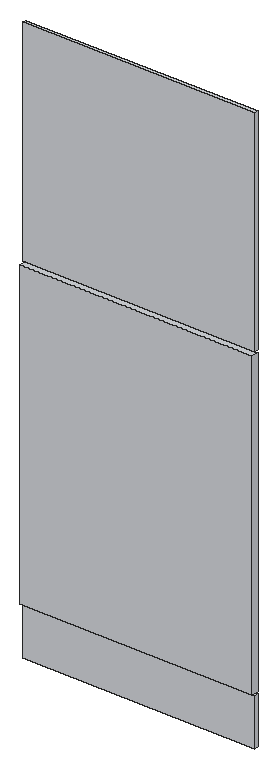
Revit family "EXP_WT-1A_CPan-029", category Curtain Panels, Revit 2021
Family settings
  OmniClass Number = 23.25.20.14.11.11.17
  OmniClass Title = Infill Panels
  Always vertical = Yes
  Cut with Voids When Loaded = No
  Shared = No
Parameters (values of type "H2 = 8'  5 1/2"")
  UI-UnitNumber [instance] = "01"
  UI-Quadrant [instance] = "SE"
  UI-ProjectAbbreviation = "NEU"
  UI-ItemCategory = "PID"
  UI-FloorNumber [instance] = "03"
  PNT-WallType = "WT1A"
  PNT-ProjectAbbreviation = "NEU"
  PNT-PanelType [instance] = "01"
  PNT-ItemCategory = "PNL"
  GlassSPH3 [instance] = 0' - 1 1/8"
  GlassSPH2(x3) [instance] = 0' - 2 3/16"
  GlassSPH1 [instance] = 0' - 1 1/8"
  GlassH3 [instance] = none
  GlassH2 [instance] = none
  GlassH1 [instance] = none
  Define Thermal Properties by = Schematic Type
  CellSp = 0' - 10 3/16"
  CellL [instance] = 6' - 10"
  CellH3 [instance] = CellH - (CellH1 + CellH2)  # 1' - 5 1/2"
  CellH2 = 8' - 5 1/2"
  CellH1 = 6' - 0 1/2"
  CellH [instance] = 15' - 11 1/2"
  CellAngle = 45.00°
  Analytic Construction = "<None>"
Reference planes (in)
  plane 1 "Center (Front/Back)": y = 0
  plane 2: z = 0
  plane 3 "Center (Left/Right)": x = 0
  plane 4 "Left": x = -41
  plane 5 "Right": x = 41
  plane 6 "Top": z = 191.5
  plane 7: z = 119
  plane 8: y = -10.1875
  plane 9: z = 17.5
Forms (in)
  Extrusion 1, solid, material <- "GlassH3", detail levels coarse+medium
    sketch origin (0, 0, 0) x (1, 0, 0) y (0, 1, 0)
      loop
        line (41, 0) -> (-41, 0) -> (-30.8125, -10.1875) -> (41, -10.1875) -> (41, 0)
    from 0 to 17.5
  Extrusion 2, solid, material <- "GlassH2", detail levels coarse+medium
    sketch origin (0, 0, 0) x (1, 0, 0) y (0, 1, 0)
      loop
        line (41, 0) -> (-41, 0) -> (-30.8125, -10.1875) -> (41, -10.1875) -> (41, 0)
    from 17.5 to 119
  Extrusion 3, solid, material <- "GlassH1", detail levels coarse+medium
    sketch origin (0, 0, 0) x (1, 0, 0) y (0, 1, 0)
      loop
        line (41, 0) -> (-41, 0) -> (-30.8125, -10.1875) -> (41, -10.1875) -> (41, 0)
    from 119 to 191.5
Lines and regions (in)
  reference lines
    curve 1: line (-41, 0, 0) -> (4.25483, -45.25483, 0)
Text (in)
  text "Exterior" at (-92.59733, 55.75508, 0), in view "Ref. Level"
  text "Exterior" at (0, 90.18664, 173.49264), in view "Left"
  text "Exterior" at (0, 52.29083, 162.21847), in view "Right"
Dimensions and locks (in)
  equal spacing: plane 4 "Left", plane 3 "Center (Left/Right)", plane 5 "Right"  (x2)
  "CellH1": plane 7 to plane 6 "Top"
  "CellH2": plane 9 to plane 7
  "CellH": plane 2 to plane 6 "Top"
  "CellSp": plane 8 to plane 1 "Center (Front/Back)"
  "CellL": plane 4 "Left" to plane 5 "Right"
  "CellAngle": angle curve 1 to plane 1 "Center (Front/Back)"
  aligned and locked: level to plane 2
  aligned and locked: Extrusion 1 sketch curve to plane 1 "Center (Front/Back)"
  aligned and locked: Extrusion 1 sketch curve to plane 8
  aligned and locked: Extrusion 1 sketch curve to plane 5 "Right"
  aligned and locked: Extrusion 1 sketch curve to curve 1
  aligned and locked: plane 9 to Extrusion 1
  aligned and locked: Extrusion 1 to plane 2
  aligned and locked: Extrusion 2 sketch curve to plane 1 "Center (Front/Back)"
  aligned and locked: Extrusion 2 sketch curve to plane 8
  aligned and locked: Extrusion 2 sketch curve to plane 5 "Right"
  aligned and locked: Extrusion 2 sketch curve to curve 1
  aligned and locked: plane 7 to Extrusion 2
  aligned and locked: Extrusion 2 to plane 9
  aligned and locked: Extrusion 3 sketch curve to plane 1 "Center (Front/Back)"
  aligned and locked: Extrusion 3 sketch curve to plane 8
  aligned and locked: Extrusion 3 sketch curve to plane 5 "Right"
  aligned and locked: Extrusion 3 sketch curve to curve 1
  aligned and locked: Extrusion 3 to plane 6 "Top"
  aligned and locked: Extrusion 3 to plane 7
  aligned and locked: nested 1 to plane 4 "Left"
  aligned and locked: nested 1 to plane 5 "Right"
  aligned and locked: nested 2 to Extrusion 3
  aligned and locked: nested 2 to level
  aligned and locked: plane 6 "Top" to nested 2
  aligned and locked: plane 1 "Center (Front/Back)" to nested 3
  aligned and locked: plane 2 to Extrusion 1
  aligned and locked: nested 3 to plane 6 "Top"
  aligned and locked: plane 4 "Left" to nested 3
  aligned and locked: plane 5 "Right" to nested 3
  aligned and locked: plane 1 "Center (Front/Back)" to nested 4
  aligned and locked: nested 4 to plane 6 "Top"
  aligned and locked: plane 7 to nested 4
  aligned and locked: plane 5 "Right" to nested 4
  aligned and locked: plane 4 "Left" to nested 4
  aligned and locked: plane 1 "Center (Front/Back)" to nested 5
  aligned and locked: plane 7 to nested 5
  aligned and locked: plane 9 to nested 5
  aligned and locked: plane 5 "Right" to nested 5
  aligned and locked: plane 4 "Left" to nested 5
  aligned and locked: plane 1 "Center (Front/Back)" to nested 6
  aligned and locked: plane 9 to nested 6
  aligned and locked: plane 2 to nested 6
  aligned and locked: plane 5 "Right" to nested 6
  aligned and locked: plane 4 "Left" to nested 6
Automatic sketch dimensions
  plane 1 "Center (Front/Back)" to curve 1 = 0' - 0"
  curve 1 to plane 4 "Left" = 0' - 0"
Nested families (in)
  nested 1: "EXP_WT-1A_DetO-002" at (-41, 0, 0), CellAngle <- "CellAngle", type "EXP_WT-1A_DetO-002"
    with built-in parameter 1001306 6.8333 (stored number, unit not read), CellAngle 45.00°
  nested 2: "EXP_WT-1A_DetO-004" at (0, 0, 191.5) x (0, 0, -1) z (1, 0, 0), CellH1 <- "CellH1", CellH2 <- "CellH2", type "EXP_WT-1A_DetO-004"
    with built-in parameter 1001306 15.958 (stored number, unit not read), CellH2 8' - 5 1/2", CellH1 6' - 0 1/2", CellH 15' - 11 1/2"
  nested 3: "EXP_xx_DetO-002" at (0, 0, 0), CellH <- "CellH", CellL <- "CellL", type "EXP_xx_DetO-002", detail levels coarse
    with CellL 6' - 10", CellH 15' - 11 1/2"
  nested 4: "EXP_WT-1x_IG-003" at (0, 0, 155.25), MaterialGlass <- "GlassH1", GlassSP <- "GlassSPH1", type "A = 90_GlassSP = H1", detail levels fine
    with MaterialGlass none, GlassSP 0' - 1 1/8", GlassL 6' - 4.87402", GlassH 5' - 10 13/16", CellL 6' - 10", CellH 6' - 0 1/2"
  nested 5: "EXP_WT-1x_IG-003" at (0, 0, 68.25), MaterialGlass <- "GlassH2", GlassSP <- "GlassSPH2(x3)", type "A = 90_GlassSP = H2(x3)", detail levels fine
    with MaterialGlass none, GlassSP 0' - 2 3/16", GlassL 6' - 4.87402", GlassH 8' - 4 3/4", CellL 6' - 10", CellH 8' - 5 1/2"
  nested 6: "EXP_WT-1x_IG-003" at (0, 0, 8.75), MaterialGlass <- "GlassH3", GlassSP <- "GlassSPH3", type "A = 90_ GlassSP = H3", detail levels fine
    with MaterialGlass none, GlassSP 0' - 1 1/8", GlassL 6' - 4.87402", GlassH 1' - 3.56299", CellL 6' - 10", CellH 1' - 5 1/2"
Definition of nested family "EXP_WT-1x_IG-003"
  Parameters (values of type "A = 90_H2(x2) _ GlassSP = 2 1/8"")
    MaterialGlass [instance] = none
    GlassSP [instance] = 0' - 2.12598"
    GlassL [instance] = CellL - (GlassD1 + GlassD3)  # 3' - 7.69291"
    GlassH [instance] = CellH - (GlassD2 + GlassD4)  # 6' - 6.64788"
    GlassD4 = 0' - 1.43701"
    GlassD3 = 0' - 0.93701"
    GlassD2 = 0' - 0 1/2"
    GlassD1 = 0' - 4.18898"
    GMPI-ProjectAbbreviation = "NEU"
    GMPI-IteamCategory = "GLS"
    Default Elevation = 0' - 0"
    CellL [instance] = 4' - 0.8189"
    CellH [instance] = 6' - 8.58489"
  Types (20): name | GlassSP | GlassL | GlassH | GlassD4 | GlassD2 | GlassD1
    A = 90_H2(x2) _ GlassSP = 2 1/8" | 0' - 2.12598" | 3' - 7.69291" | 6' - 6.64788" | 0' - 1.43701" | 0' - 0 1/2" | 0' - 4.18898"
    A = 90_H1 _ GlassSP = 1 1/4" | 0' - 1 1/4" | 3' - 7.69291" | 6' - 6.89739" | 0' - 0 1/4" | 0' - 1 7/16" | 0' - 4.18898"
    A = 90_H2(x3) _ GlassSP = 2 1/8" | 0' - 2.12598" | 3' - 7.69291" | 6' - 7.83489" | 0' - 0 1/4" | 0' - 0 1/2" | 0' - 4.18898"
    A = 90_H3 _ GlassSP = 1 1/4" | 0' - 1 1/4" | 3' - 7.69291" | 6' - 6.64788" | 0' - 1.43701" | 0' - 0 1/2" | 0' - 4.18898"
    A = 90_H _ GlassSP = 1 1/4" | 0' - 1 1/4" | 3' - 7.69291" | 6' - 5.71088" | 0' - 1.43701" | 0' - 1.43701" | 0' - 4.18898"
    A = 78_H _ GlassSP = 1 1/4" | 0' - 1 1/4" | 3' - 6.75591" | 6' - 5.71088" | 0' - 1.43701" | 0' - 1.43701" | 0' - 5.12598"
    A = 78_H1 _ GlassSP = 1 1/4" | 0' - 1 1/4" | 3' - 6.75591" | 6' - 6.89739" | 0' - 0 1/4" | 0' - 1 7/16" | 0' - 5.12598"
    A = 78_H2(x2) _ GlassSP = 2 1/8" | 0' - 2.12598" | 3' - 6.75591" | 6' - 6.64788" | 0' - 1.43701" | 0' - 0 1/2" | 0' - 5.12598"
    A = 78_H2(x3) _ GlassSP = 2 1/8" | 0' - 2.12598" | 3' - 6.75591" | 6' - 7.83489" | 0' - 0 1/4" | 0' - 0 1/2" | 0' - 5.12598"
    A = 78_H3 _ GlassSP = 1 1/4" | 0' - 1 1/4" | 3' - 6.75591" | 6' - 6.64788" | 0' - 1.43701" | 0' - 0 1/2" | 0' - 5.12598"
    A = 90_GlassSP = H | 0' - 1 1/4" | 3' - 7.69291" | 6' - 5.71088" | 0' - 1.43701" | 0' - 1.43701" | 0' - 4.18898"
    A = 90_ GlassSP = H3 | 0' - 1 1/4" | 3' - 7.69291" | 6' - 6.64788" | 0' - 1.43701" | 0' - 0 1/2" | 0' - 4.18898"
    A = 90_GlassSP = H2(x3) | 0' - 2.12598" | 3' - 7.69291" | 6' - 7.83489" | 0' - 0 1/4" | 0' - 0 1/2" | 0' - 4.18898"
    A = 90_GlassSP = H2(x2) | 0' - 2.12598" | 3' - 7.69291" | 6' - 6.64788" | 0' - 1.43701" | 0' - 0 1/2" | 0' - 4.18898"
    A = 90_GlassSP = H1 | 0' - 1 1/4" | 3' - 7.69291" | 6' - 6.89739" | 0' - 0 1/4" | 0' - 1 7/16" | 0' - 4.18898"
    A = 78_GlassSP = H | 0' - 1 1/4" | 3' - 6.75591" | 6' - 5.71088" | 0' - 1.43701" | 0' - 1.43701" | 0' - 5.12598"
    A = 78_ GlassSP = H3 | 0' - 1 1/4" | 3' - 6.75591" | 6' - 6.64788" | 0' - 1.43701" | 0' - 0 1/2" | 0' - 5.12598"
    A = 78_ GlassSP = H2(x3) | 0' - 2.12598" | 3' - 6.75591" | 6' - 7.83489" | 0' - 0 1/4" | 0' - 0 1/2" | 0' - 5.12598"
    A = 78_GlassSP = H2(x2) | 0' - 2.12598" | 3' - 6.75591" | 6' - 6.64788" | 0' - 1.43701" | 0' - 0 1/2" | 0' - 5.12598"
    A = 78_GlassSP = H1 | 0' - 1 1/4" | 3' - 6.75591" | 6' - 6.89739" | 0' - 0 1/4" | 0' - 1 7/16" | 0' - 5.12598"
  Reference planes (in)
    plane 1 "Center (Front/Back)": y = 0
    plane 2: z = 0
    plane 3 "Center (Left/Right)": x = 0
    plane 4: x = -24.40945
    plane 5: x = 24.40945
    plane 6: z = 40.29245
    plane 7: x = -20.22047
    plane 8: x = 23.47244
    plane 9: z = -40.29245
    plane 10: z = 39.79245
    plane 11: z = -38.85544
  Forms (in)
    Extrusion 1, solid, material <- "MaterialGlass"
      sketch origin (0, 0, 0) x (1, 0, 0) y (0, 0, 1)
        loop
          line (-20.22047, -38.85544) -> (23.47244, -38.85544) -> (23.47244, 39.79245) -> (-20.22047, 39.79245) -> (-20.22047, -38.85544)
      from 0 to 2.12598 <- "GlassSP"
  Dimensions and locks (in)
    equal spacing: plane 6, level, plane 9
    "CellH": plane 6 to plane 9
    "GlassD2": plane 6 to plane 10
    "GlassD4": plane 11 to plane 9
    equal spacing: plane 4, plane 3 "Center (Left/Right)", plane 5
    "CellL": plane 4 to plane 5
    "GlassD1": plane 4 to plane 7
    "GlassD3": plane 5 to plane 8
    aligned and locked: level to plane 2
    aligned and locked: Extrusion 1 sketch curve to plane 11
    aligned and locked: Extrusion 1 sketch curve to plane 7
    aligned and locked: plane 10 to Extrusion 1 sketch curve
    aligned and locked: plane 8 to Extrusion 1 sketch curve
Definition of nested family "EXP_WT-1A_DetO-002"
  Parameters (values of type "EXP_WT-1A_DetO-002")
    built-in parameter 1001306 [instance] = 5' - 2.99213"
    CellAngle [instance] = 45.00°
  Reference planes (in)
    plane 1 "Center (Front/Back)": y = 0
    plane 2: z = 0
    plane 3 "Left": x = 0
    plane 4 "Right": x = 62.99213
  Lines and regions (in)
    reference lines, in view "Ref. Level"
      curve 1: line (0, 0, 0) -> (62.99213, 0, 0)
      curve 17: line (0, 0, 0) -> (16.97056, -16.97056, 0)
    detail lines, in view "Ref. Level"
      curve 2: line (-0.30429, 0, 0) -> (-0.00849, 0, 0)
      curve 3: line (-0.30429, 0, 0) -> (-0.00849, 0, 0)
      curve 4: line (62.99213, -0.81795, 0) -> (62.99213, -10.1875, 0)
      curve 5: line (62.99213, -10.1875, 0) -> (60.99213, -10.1875, 0)
      curve 6: line (60.99213, -10.1875, 0) -> (60.99213, -2.43678, 0)
      curve 7: line (60.99213, -2.43678, 0) -> (62.44632, -2.43678, 0)
      curve 8: line (62.44632, -2.43678, 0) -> (62.44632, 0, 0)
      curve 9: line (62.44632, 0, 0) -> (62.74213, 0, 0)
      curve 10: line (62.74213, 0, 0) -> (62.74213, -0.81795, 0)
      curve 11: line (62.99213, -0.81795, 0) -> (62.74213, -0.81795, 0)
      curve 12: line (-0.30429, 0, 0) -> (-0.00849, 0, 0)
      curve 13: line (2.83381, 0, 0) -> (62.04971, 0, 0)
      curve 14: line (2.83381, -1.31, 0) -> (2.83381, 0, 0)
      curve 15: line (2.83381, -1.31, 0) -> (62.04971, -1.31, 0)
      curve 16: line (62.04971, -1.31, 0) -> (62.04971, 0, 0)
      curve 18: line (2.35972, -2.35972, 0) -> (10.125, -10.1875, 0)
      curve 19: line (12.59763, -10.1875, 0) -> (10.125, -10.1875, 0)
      curve 20: line (4.3571, -1.88308, 0) -> (12.59763, -10.1875, 0)
      curve 21: line (2.8356, -1.88308, 0) -> (4.3571, -1.88308, 0)
      curve 22: line (2.35972, -2.35972, 0) -> (2.8356, -1.88308, 0)
  Dimensions and locks (in)
    "built-in parameter 1001306": plane 3 "Left" to plane 4 "Right"
    "CellAngle": angle curve 17 to plane 1 "Center (Front/Back)"
    aligned and locked: plane 1 "Center (Front/Back)" to curve 1
    aligned and locked: plane 3 "Left" to curve 1
    aligned and locked: plane 4 "Right" to curve 1
    aligned and locked: curve 4 to plane 4 "Right"
    aligned and locked: curve 12 to curve 1
    aligned and locked: curve 1 to curve 13
    aligned and locked: curve 5 to curve 19
  Automatic sketch dimensions
    plane 1 "Center (Front/Back)" to curve 9 = 0' - 0"
    curve 2 to curve 2 = 0' - 0.2958"
    curve 7 to plane 4 "Right" = 0' - 2"
    curve 9 to plane 4 "Right" = 0' - 0.5458"
    curve 10 to curve 4 = 0' - 0 1/4"
    plane 1 "Center (Front/Back)" to curve 4 = 0' - 0.81795"
    curve 7 to curve 10 = 0' - 1.61883"
    curve 16 to curve 10 = 0' - 0.69242"
    curve 16 to curve 10 = 0' - 0.49205"
    curve 3 to curve 13 = 0' - 2.8423"
    curve 14 to curve 20 = 0' - 1.52329"
    curve 19 to curve 20 = 0' - 2.47263"
    curve 14 to curve 21 = 0' - 0.00179"
    curve 22 to curve 22 = 0' - 0.47588"
    curve 22 to curve 22 = 0' - 0.47664"
    plane 1 "Center (Front/Back)" to curve 21 = 0' - 1.88308"
    plane 3 "Left" to curve 20 = 1' - 0.59763"
    plane 3 "Left" to curve 21 = 0' - 4.3571"
    curve 5 to curve 6 = 0' - 7.75072"
Definition of nested family "EXP_WT-1A_DetO-004"
  Parameters (values of type "EXP_WT-1A_DetO-004")
    built-in parameter 1001306 [instance] = 12' - 11"
    CellH2 [instance] = 5' - 8"
    CellH1 [instance] = 3' - 3"
    CellH [instance] = 12' - 11"
  Reference planes (in)
    plane 1 "Center (Front/Back)": y = 0
    plane 2: z = 0
    plane 3 "Left": x = 0
    plane 4 "Right": x = 155
    plane 5: x = 39
    plane 6: x = 107
  Lines and regions (in)
    reference lines, in view "Ref. Level"
      curve 1: line (0, 0, 0) -> (155, 0, 0)
    detail lines, in view "Ref. Level"
      curve 2: line (37.25001, -10.1875, 0) -> (37.25001, -2.41263, 0)
      curve 3: line (37.25001, -2.41263, 0) -> (40.74999, -2.41263, 0)
      curve 4: line (40.74999, -2.41263, 0) -> (40.74999, -10.1875, 0)
      curve 5: line (40.74999, -10.1875, 0) -> (37.25001, -10.1875, 0)
      curve 6: line (39.27639, -2.185, 0) -> (39.27639, 0, 0)
      curve 7: line (39.27639, 0, 0) -> (106.72361, 0, 0)
      curve 8: line (106.72361, -2.185, 0) -> (39.27639, -2.185, 0)
      curve 9: line (38.52639, -1.31, 0) -> (38.52639, 0, 0)
      curve 10: line (38.52639, 0, 0) -> (1.19241, 0, 0)
      curve 11: line (38.52639, -1.31, 0) -> (1.19241, -1.31, 0)
      curve 12: line (0, -10.1875, 0) -> (2.125, -10.1875, 0)
      curve 13: line (0, -0.81812, 0) -> (0, -10.1875, 0)
      curve 14: line (0.5, 0, 0) -> (0.5, -0.81812, 0)
      curve 15: line (0.5, 0, 0) -> (0.7958, 0, 0)
      curve 16: line (0, -0.81812, 0) -> (0.5, -0.81812, 0)
      curve 17: line (0.7958, -2.43676, 0) -> (0.7958, 0, 0)
      curve 18: line (2.125, -2.43676, 0) -> (0.7958, -2.43676, 0)
      curve 19: line (2.125, -10.1875, 0) -> (2.125, -2.43676, 0)
      curve 20: line (1.19241, -1.31, 0) -> (1.19241, 0, 0)
      curve 21: line (155, 60, 0) -> (155, -10.1875, 0)
      curve 22: line (155, -10.1875, 0) -> (151.625, -10.1875, 0)
      curve 23: line (151.625, -10.1875, 0) -> (151.625, -2.43679, 0)
      curve 24: line (151.625, -2.43679, 0) -> (154.2042, -2.43679, 0)
      curve 25: line (154.2042, -2.43679, 0) -> (154.2042, 0, 0)
      curve 26: line (154.5, 0, 0) -> (154.5, -0.81812, 0)
      curve 27: line (154.2042, 0, 0) -> (154.5, 0, 0)
      curve 28: line (155, -0.81812, 0) -> (154.5, -0.81812, 0)
      curve 29: line (155, -0.81812, 0) -> (155, -10.1875, 0)
      curve 30: line (153.80789, -1.31, 0) -> (153.80789, 0, 0)
      curve 31: line (105.25001, -10.1875, 0) -> (108.74999, -10.1875, 0)
      curve 32: line (105.25001, -2.41263, 0) -> (105.25001, -10.1875, 0)
      curve 33: line (108.74999, -10.1875, 0) -> (108.74999, -2.41263, 0)
      curve 34: line (108.74999, -2.41263, 0) -> (105.25001, -2.41263, 0)
      curve 35: line (106.72361, -2.185, 0) -> (106.72361, 0, 0)
      curve 36: line (107.47361, -1.31, 0) -> (153.80789, -1.31, 0)
      curve 37: line (107.47361, -1.31, 0) -> (107.47361, 0, 0)
      curve 38: line (153.80789, 0, 0) -> (107.47361, 0, 0)
  Dimensions and locks (in)
    "built-in parameter 1001306": plane 3 "Left" to plane 4 "Right"
    "CellH": plane 3 "Left" to plane 4 "Right"
    "CellH1": plane 3 "Left" to plane 5
    "CellH2": plane 5 to plane 6
    aligned and locked: plane 1 "Center (Front/Back)" to curve 1
    aligned and locked: plane 3 "Left" to curve 1
    aligned and locked: plane 4 "Right" to curve 1
    aligned and locked: curve 1 to curve 7
    aligned and locked: curve 10 to plane 1 "Center (Front/Back)"
    aligned and locked: curve 13 to plane 3 "Left"
    aligned and locked: curve 1 to curve 15
    aligned and locked: curve 21 to plane 4 "Right"
    aligned and locked: curve 29 to plane 4 "Right"
    aligned and locked: curve 38 to curve 7
    aligned and locked: curve 5 to curve 12
    aligned and locked: curve 5 to curve 31
    aligned and locked: curve 22 to curve 31
  Automatic sketch dimensions
    plane 5 to curve 3 = 0' - 1 3/4"
    plane 1 "Center (Front/Back)" to curve 3 = 0' - 2.41263"
    curve 5 to plane 5 = 0' - 1 3/4"
    plane 5 to curve 6 = 0' - 0.27639"
    curve 6 to curve 6 = 0' - 2.185"
    curve 9 to plane 5 = 0' - 0.47361"
    plane 1 "Center (Front/Back)" to curve 13 = 0' - 0.81812"
    plane 3 "Left" to curve 14 = 0' - 0 1/2"
    curve 14 to curve 17 = 0' - 0.2958"
    curve 17 to curve 18 = 0' - 1.3292"
    curve 18 to curve 14 = 0' - 1.61864"
    curve 14 to curve 20 = 0' - 0.69242"
    curve 20 to curve 14 = 0' - 0.49188"
    curve 21 to plane 1 "Center (Front/Back)" = 5' - 0"
    curve 24 to curve 24 = 0' - 2.5792"
    plane 1 "Center (Front/Back)" to curve 27 = 0' - 0"
    curve 25 to curve 26 = 0' - 0.2958"
    curve 28 to curve 28 = 0' - 0 1/2"
    curve 30 to curve 24 = 0' - 0.39631"
    curve 24 to curve 30 = 0' - 1.12679"
    plane 1 "Center (Front/Back)" to curve 26 = 0' - 0.81812"
    curve 32 to plane 6 = 0' - 1 3/4"
    plane 6 to curve 31 = 0' - 1 3/4"
    plane 1 "Center (Front/Back)" to curve 33 = 0' - 2.41263"
    curve 35 to plane 6 = 0' - 0.27639"
    curve 36 to curve 37 = 0' - 1.31"
    plane 6 to curve 38 = 0' - 0.47361"
    curve 21 to curve 24 = 0' - 7.75071"
Definition of nested family "EXP_xx_DetO-002"
  Parameters (values of type "EXP_xx_DetO-002")
    Default Elevation = 0' - 0"
    CellL [instance] = 5' - 4.56693"
    CellH [instance] = 5' - 2.99213"
  Reference planes (in)
    plane 1 "Center (Front/Back)": y = 0
    plane 2: z = 0
    plane 3 "Center (Left/Right)": x = 0
    plane 4: x = -32.28346
    plane 5: x = 32.28346
    plane 6: z = 62.99213
  Lines and regions (in)
    model lines
      curve 1: line (-32.28346, 0, 62.99213) -> (32.28346, 0, 0)
      curve 2: line (32.28346, 0, 62.99213) -> (-32.28346, 0, 0)
  Dimensions and locks (in)
    "CellH": plane 6 to level
    equal spacing: plane 4, plane 3 "Center (Left/Right)", plane 5
    "CellL": plane 4 to plane 5
    aligned and locked: level to plane 2
  Automatic sketch dimensions
    curve 2 to level = 0' - 0"
    plane 4 to curve 2 = 0' - 0"
    plane 4 to curve 1 = 0' - 0"
    plane 5 to curve 2 = 0' - 0"
    curve 1 to level = 0' - 0"
    plane 5 to curve 1 = 0' - 0"
    curve 2 to plane 6 = 0' - 0"
    curve 1 to plane 6 = 0' - 0"
